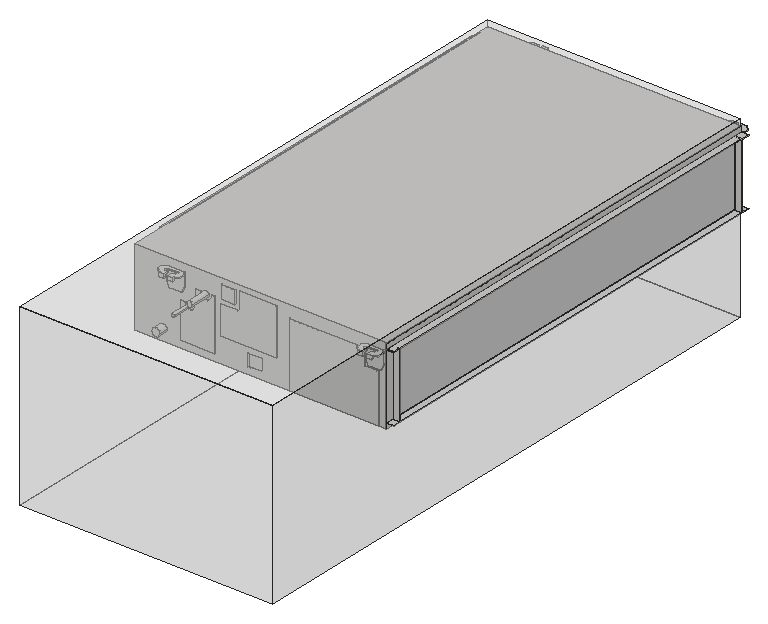
Revit family "outputfile", category 機械設備, Revit 2024
Family settings
  丸型コネクタ寸法 = 半径を使用
  パーツ タイプ = 標準
  OmniClass 番号 = 23.75.10.24.21.27.27
  OmniClass タイトル = Split System Air Conditioning Units
  作業面ベース = いいえ
  常に垂直 = はい
  ロード時にボイドで切り取り = いいえ
  注釈の向きを維持 = いいえ
  共有 = いいえ
  部屋計算ポイント = はい
Parameters (values of type "FBFC42DV2S")
  Description = ""
  製造元 = "Daikin"
  書き出し IFC クラス(タイプ) = "IfcUnitaryEquipmentType"
  定義済み IFC タイプ(タイプ) = "AIRCONDITIONINGUNIT"
  Cost = 0
  モデル = "FBFC42DV2S"
  Type Comments = ""
  Keynote = ""
  Type Image = (empty or 0)
  Assembly Code = ""
  switch_frequency = yes
  r_Liquid Pipe Size = Liquid Pipe Size / 2  # 4.75 mm
  r_Gas Pipe Size = Gas Pipe Size / 2  # 7.95 mm
  r_Drain Pipe Size = Drain Pipe Size / 2  # 12.5 mm
  lw_power = 770.0 mm  # constant formula
  lh_SA = 138.0 mm  # constant formula
  lw_SA = if(Depth = 550.0 mm, 225.0 mm, if(Depth = 700.0 mm, 300.0 mm, if(Depth = 1000.0 mm, 450.0 mm, if(Depth = 1400.0 mm, 650.0 mm, 725.0 mm))))  # 650.0 mm
  lw_RA = if(Depth = 550.0 mm, 275.0 mm, if(Depth = 700.0 mm, 349.0 mm, if(Depth = 1000.0 mm, 499.0 mm, if(Depth = 1400.0 mm, 699.0 mm, 775.0 mm))))  # 699.0 mm
  lh_power = 60.0 mm + [h***]  # 60.0 mm
  lh_mountinghole1 = lh_mountinghole + [h***]  # 222.0 mm
  lh_RA = 123.0 mm  # constant formula
  ld_power = Depth / 2  # 700.0 mm
  connector_voltage = Voltage_50Hz  # 220 V
  connector_powerinput = [Power Input (Cooling)]  # 0.000 kW
  connector_phase = Phase_50Hz  # 1
  Voltage_comment_50Hz = "220 - 240"
  Voltage_50Hz = 220 V
  URL = ""
  Supply Air Direction [instance] = yes
  Sound Power Level_H speed (dB) = 0
  Phase_50Hz = 1
  Minimum External Static Pressure = 50.00 Pa
  Minimum Circuit Amps_50Hz = 0.0 A
  Maximum Fuse Amps_50Hz = 0.0 A
  Maximum External Static Pressure = 150.00 Pa
  Material_Casing = DAIKIN_GalvanizedSteel_Casing_indoorunit
  lw_mountinghole = 630.0 mm  # constant formula
  lh_gaspipe = 183.0 mm + [h***]  # 183.0 mm
  lh_mountinghole = 222.0 mm  # constant formula
  lh_liquidpipe = 136.0 mm + [h***]  # 136.0 mm
  lh_drainpipe = 38.0 mm + [h***]  # 38.0 mm
  lh_antena = Height - lh_mountinghole + 1.0 mm  # 24.0 mm
  ld_drainpipe = Depth / 2 + 26.0 mm  # 726.0 mm
  ld_liquidpipe = Depth / 2 + 69.0 mm  # 769.0 mm
  ld_gaspipe = Depth / 2 + 65.0 mm  # 765.0 mm
  ld_mountinghole = Depth + 38.0 mm  # 1438.0 mm
  h*** = 0.0 mm  # constant formula
  lw_liquidpipe = 179.0 mm  # constant formula
  lw_gaspipe = 229.0 mm  # constant formula
  lw_drainpipe = 91.0 mm  # constant formula
  Width = 800.0 mm
  Version = "ver.1.0"
  Unit Type = "M.S.P. Duct"
  Unit Mass Weight = 46.00 kg
  Unit Designation [instance] = ""
  Uniclass2015Version = "Products v1.30"
  Uniclass2015Title = "Split coil room air conditioning units"
  Uniclass2015Code = "Pr_70_65_03_86"
  Total Cooling Capacity [instance] = 0.000 kW
  Sound Pressure Level_M speed (dBA) = 37.5
  Sound Pressure Level_L speed (dBA) = 35
  Sound Pressure Level_H speed (dBA) = 40
  Series = "SkyAir_Fan Coil Unit"
  Sensible Cooling Capacity [instance] = 0.000 kW
  SA Duct Size Width = 1192.0 mm
  SA Duct Size Height = 176.0 mm
  Refrigerant Type = "R32"
  RA Duct Size Width = 1352.0 mm
  RA Duct Size Height = 208.0 mm
  Power Input (Cooling) = 0.000 kW
  Option Accessory 3 [instance] = ""
  Option Accessory 2 [instance] = ""
  Option Accessory 1 [instance] = ""
  Nominal Cooling Capacity = 12.300 kW
  Minimum Airflow = 1500.00 m³/h
  Median Airflow = 1830.00 m³/h
  Maximum Airflow = 2160.00 m³/h
  Load Classification = HVAC
  Liquid Pipe Size = 9.5 mm
  Link_Nested Family [instance] = ""
  IfcVersion = ""
  IfcExportType = "AIRCONDITIONINGUNIT"
  IfcExportAs = "IfcUnitaryEquipmentType"
  Height = 245.0 mm
  Heat Exchanger Type = "Cross Fin Coil"
  Gas Pipe Size = 15.9 mm
  Frequency_50Hz = 50 Hz
  Fan Type = "Sirocco Fan"
  Fan Drive = "Direct Drive"
  FCU Tag No. [instance] = ""
  Drain Pipe Size = 25.0 mm
  Design Supply Airflow [instance] = 0.00 m³/h
  Design Return Airflow [instance] = 0.00 m³/h
  Design External Static Pressure [instance] = 0.00 Pa
  Depth = 1400.0 mm
  既定の高さ = 0.0 mm
  Cooling Entering Wet Bulb Temperature [instance] = 0.00 °C
  Cooling Entering Dry Bulb Temperature [instance] = 0.00 °C
  Cooling Ambient Wet Bulb Temperature [instance] = 0.00 °C
  Cooling Ambient Dry Bulb Temperature [instance] = 0.00 °C
  Clearance visibility [instance] = yes
  Clearance Top = 20.0 mm
  Clearance Right = 0.0 mm
  Clearance Rear = 0.0 mm
  Clearance Left = 0.0 mm
  Clearance Front = 450.0 mm
  Clearance Bottom = 300.0 mm
Reference planes
  plane 1 "Center (Front/Back)": y = 0
  plane 2 "h": z = 0
  plane 3 "Center (Left/Right)": x = 0
  plane 4 "Back": y = 700
  plane 5 "Front": y = -700
  plane 6 "Left": x = -400
  plane 7 "Right": x = 400
  plane 8 "Top": z = 0
  plane 9 "Bottom": z = -245
  plane 10: y = -215
  plane 11: y = 700
  plane 12: y = -1150
  plane 13: x = -400
  plane 14: x = 400
  plane 15: z = 20
  plane 16: z = -545
  plane 17: x = -400
  plane 18: x = -399
  plane 19: x = 399
  plane 20: y = 50
  plane 21: y = -1
  plane 22: z = -122
  plane 23: y = -701
  plane 24: z = -109
  plane 25: x = -221
  plane 26: y = -765
  plane 27: z = -62
  plane 28: x = -171
  plane 29: y = -726
  plane 30: z = -207
  plane 31: x = -309
  plane 32: x = -309
  plane 33: x = -221
  plane 34: x = -171
  plane 35: x = 370
  plane 36: x = -266
  plane 37: x = 364
  plane 38: y = -719
  plane 39: y = 719
  plane 40: z = -23
  plane 41: z = -107
  plane 42: y = -769
  plane 43: y = -726
  plane 44: x = -251
  plane 45: x = -203
  plane 46: x = -144
  plane 47: z = -59
  plane 48: z = -106
  plane 49: z = -221
  plane 50: z = -109
  plane 51: x = -221
  plane 52: z = -62
  plane 53: x = -171
  plane 54: z = -17
  plane 55: z = -59
  plane 56: x = -121
  plane 57: x = -79
  plane 58: x = -125
  plane 59: x = -64
  plane 60: x = 53
  plane 61: z = -164
  plane 62: z = -73
  plane 63: z = -16
  plane 64: x = 93.5
  plane 65: x = 374.5
  plane 66: x = 330
  plane 67: z = -88.5
  plane 68: z = -38
  plane 69: z = -242.5
  plane 70: x = -38.5
  plane 71: x = 6.5
  plane 72: z = -181
  plane 73: z = -221
  plane 74: y = -699
  plane 75: x = -424
  plane 76: x = 424
Forms (mm)
  Extrusion 1, solid, material "DAIKIN_GalvanizedSteel_Casing_indoorunit" <- "Material_Casing"
    sketch origin (0, 0, 0) x (1, 0, 0) y (0, 1, 0)
      loop
        line (-399, 700) -> (-399, -700) -> (399, -700) -> (399, 700) -> (-399, 700)
    from -245 to 0
  Extrusion 2, solid, material "DAIKIN_GalvanizedSteel_Casing_indoorunit" <- "Material_Casing"
    sketch origin (0, 0, 0) x (1, 0, 0) y (0, 0, 1)
      loop
        line (-251, -221) -> (-144, -221) -> (-144, -59) -> (-154.47, -59)
        arc (-154.47, -59) -> (-171, -78.8) -> (-187.53, -59) r 16.8
        line (-187.53, -59) -> (-203, -59) -> (-203, -106) -> (-206.916, -106)
        arc (-206.916, -106) -> (-221, -123.4) -> (-235.084, -106) r 14.4
        line (-235.084, -106) -> (-251, -106) -> (-251, -221)
    from 700 to 701
  Extrusion 3, solid, material "DAIKIN_GalvanizedSteel_Casing_indoorunit" <- "Material_Casing"
    sketch origin (0, 0, 0) x (1, 0, 0) y (0, 0, 1)
      loop
        line (-121, -17) -> (-121, -59) -> (-79, -59) -> (-79, -17) -> (-121, -17)
      loop
        line (-125, -73) -> (-125, -164) -> (53, -164) -> (53, -16) -> (-64, -16) -> (-64, -73) -> (-125, -73)
    from 700 to 701
  Extrusion 4, solid, material "DAIKIN_GalvanizedSteel_Casing_indoorunit" <- "Material_Casing"
    sketch origin (0, 0, 0) x (1, 0, 0) y (0, 0, 1)
      loop
        line (93.5, -38) -> (93.5, -242.5) -> (374.5, -242.5) -> (374.5, -88.5) -> (330, -88.5) -> (330, -38) -> (93.5, -38)
    from 700 to 701
  Extrusion 5, solid, material "DAIKIN_GalvanizedSteel_Casing_indoorunit" <- "Material_Casing"
    sketch origin (0, 0, 0) x (1, 0, 0) y (0, 0, 1)
      loop
        circle (-221, -109) r 4.75
    from 700 to 769
  Extrusion 6, solid, material "DAIKIN_GalvanizedSteel_Casing_indoorunit" <- "Material_Casing"
    sketch origin (0, 0, 0) x (1, 0, 0) y (0, 0, 1)
      loop
        circle (-171, -62) r 7.95
    from 700 to 765
  Extrusion 7, solid, material "DAIKIN_GalvanizedSteel_Casing_indoorunit" <- "Material_Casing"
    sketch origin (0, 0, 0) x (1, 0, 0) y (0, 0, 1)
      loop
        circle (-309, -207) r 12.5
    from 700 to 726
  Extrusion 8, void
    sketch origin (0, 0, 0) x (1, 0, 0) y (0, 0, 1)
      loop
        line (-38.5, -181) -> (-38.5, -221) -> (6.5, -221) -> (6.5, -181) -> (-38.5, -181)
    from 699 to 700
Cuts and joins
  Extrusion 8 cuts Extrusion 1
Dimensions and locks
  "Height": plane 8 "Top" to plane 9 "Bottom"
  equal spacing: plane 4 "Back", plane 1 "Center (Front/Back)", plane 5 "Front"
  "Depth": plane 4 "Back" to plane 5 "Front"
  equal spacing: plane 6 "Left", plane 3 "Center (Left/Right)", plane 7 "Right"
  "Width": plane 6 "Left" to plane 7 "Right"
  "Clearance Left": plane 13 to plane 6 "Left"
  "Clearance Right": plane 7 "Right" to plane 14
  "Clearance Rear": plane 11 to plane 4 "Back"
  "Clearance Front": plane 5 "Front" to plane 12
  "Clearance Top": plane 15 to plane 8 "Top"
  "Clearance Bottom": plane 9 "Bottom" to plane 16
  locked: plane 17 to plane 18 at 1
  locked: plane 19 to plane 14 at 1
  "lw_SA": plane 11 to plane 20
  "lw_RA": plane 21 to plane 5 "Front"
  "lh_RA": plane 22 to plane 9 "Bottom"
  locked: plane 5 "Front" to plane 23 at 1
  "lw_liquidpipe": plane 25 to plane 6 "Left"
  "lh_liquidpipe": plane 24 to plane 9 "Bottom"
  "lh_gaspipe": plane 27 to plane 9 "Bottom"
  "lw_gaspipe": plane 28 to plane 6 "Left"
  "ld_gaspipe": plane 26 to plane 1 "Center (Front/Back)"
  "ld_drainpipe": plane 29 to plane 1 "Center (Front/Back)"
  "lh_drainpipe": plane 30 to plane 9 "Bottom"
  "lw_drainpipe": plane 31 to plane 6 "Left"
  "lw_drainpipe": plane 6 "Left" to plane 32
  "lw_liquidpipe": plane 6 "Left" to plane 33
  "lw_gaspipe": plane 6 "Left" to plane 34
  "lw_power": plane 6 "Left" to plane 35
  locked: plane 17 to plane 36 at 134
  "lw_mountinghole": plane 36 to plane 37
  equal spacing: plane 38, plane 1 "Center (Front/Back)", plane 39
  "ld_mountinghole": plane 39 to plane 38
  "lh_mountinghole": plane 40 to plane 9 "Bottom"
  "lh_SA": plane 41 to plane 9 "Bottom"
  locked: plane 5 "Front" to plane 43 at 26
  plane 46 to plane 45 to plane 44 to plane 6 "Left" = 59.0 mm, 48.0 mm, 149.0 mm
  plane 8 "Top" to plane 47 to plane 48 to plane 49 = 59.0 mm locked, 47.0 mm locked, 115.0 mm locked
  plane 53 to plane 51 to plane 6 "Left" = 50.0 mm locked, 179.0 mm locked
  plane 52 to plane 50 to plane 9 "Bottom" = 47.0 mm locked, 136.0 mm locked
  plane 57 to plane 56 to plane 6 "Left" = 42.0 mm locked, 279.0 mm locked
  plane 8 "Top" to plane 54 to plane 55 = 17.0 mm locked, 42.0 mm locked
  plane 60 to plane 59 to plane 58 to plane 6 "Left" = 117.0 mm, 61.0 mm, 275.0 mm
  plane 8 "Top" to plane 63 to plane 62 = 16.0 mm locked, 57.0 mm locked
  locked: plane 63 to plane 61 at 148
  plane 8 "Top" to plane 68 to plane 67 to plane 69 = 38.0 mm locked, 50.5 mm locked, 154.0 mm locked
  plane 65 to plane 66 to plane 64 to plane 6 "Left" = 44.5 mm locked, 236.5 mm locked, 493.5 mm locked
  plane 8 "Top" to plane 72 to plane 73 = 181.0 mm locked, 40.0 mm locked
  plane 71 to plane 70 to plane 6 "Left" = 45.0 mm, 361.5 mm
  locked: plane 74 to plane 5 "Front" at 1
  locked: plane 75 to plane 17 at 24
  locked: plane 14 to plane 76 at 24
  "ld_liquidpipe": plane 42 to plane 1 "Center (Front/Back)"
  "r_Liquid Pipe Size": radius of Extrusion 5 sketch curve
  "r_Gas Pipe Size": radius of Extrusion 6 sketch curve
  "r_Drain Pipe Size": radius of Extrusion 7 sketch curve
  aligned and locked: level to plane 2 "h"
  aligned and locked: plane 8 "Top" to Extrusion 1
  aligned and locked: Extrusion 1 to plane 9 "Bottom"
  aligned and locked: nested 5 to plane 12
  aligned and locked: plane 13 to nested 5
  aligned and locked: plane 14 to nested 5
  aligned and locked: nested 5 to plane 13
  aligned and locked: plane 11 to nested 5
  aligned and locked: plane 15 to nested 5
  aligned and locked: plane 16 to nested 5
  aligned and locked: plane 5 "Front" to Extrusion 1 sketch curve
  aligned and locked: Extrusion 1 to plane 18
  aligned and locked: plane 19 to Extrusion 1
  aligned and locked: nested 7 to plane 18
  aligned and locked: nested 7 to plane 20
  aligned and locked: plane 19 to nested 8
  aligned and locked: plane 21 to nested 8
  aligned and locked: plane 22 to nested 8
  aligned and locked: Extrusion 2 to plane 23
  aligned and locked: plane 5 "Front" to Extrusion 2
  aligned and locked: Extrusion 3 to plane 23
  aligned and locked: plane 5 "Front" to Extrusion 3
  aligned and locked: plane 5 "Front" to Extrusion 4
  aligned and locked: Extrusion 5 sketch curve to plane 25
  aligned and locked: plane 24 to Extrusion 5 sketch curve
  aligned and locked: plane 5 "Front" to Extrusion 5
  aligned and locked: Extrusion 6 sketch curve to plane 28
  aligned and locked: plane 27 to Extrusion 6 sketch curve
  aligned and locked: plane 5 "Front" to Extrusion 6
  aligned and locked: Extrusion 7 sketch curve to plane 31
  aligned and locked: plane 30 to Extrusion 7 sketch curve
  aligned and locked: Extrusion 7 to plane 29
  aligned and locked: nested 3 to plane 29
  aligned and locked: nested 3 to plane 32
  aligned and locked: nested 2 to plane 33
  aligned and locked: nested 1 to plane 34
  aligned and locked: Extrusion 6 to plane 26
  aligned and locked: nested 1 to plane 26
  aligned and locked: nested 6 to plane 5 "Front"
  aligned and locked: nested 6 to plane 35
  aligned and locked: plane 36 to nested 10
  aligned and locked: nested 10 to plane 5 "Front"
  aligned and locked: plane 37 to nested 9
  aligned and locked: nested 9 to plane 5 "Front"
  aligned and locked: nested 11 to plane 36
  aligned and locked: plane 4 "Back" to nested 11
  aligned and locked: nested 12 to plane 37
  aligned and locked: plane 4 "Back" to nested 12
  aligned and locked: plane 40 to nested 10
  aligned and locked: plane 40 to nested 11
  aligned and locked: plane 40 to nested 9
  aligned and locked: plane 40 to nested 12
  aligned and locked: plane 36 to nested 14
  aligned and locked: nested 14 to plane 39
  aligned and locked: plane 37 to nested 13
  aligned and locked: nested 13 to plane 39
  aligned and locked: plane 37 to nested 16
  aligned and locked: plane 38 to nested 16
  aligned and locked: plane 38 to nested 15
  aligned and locked: plane 36 to nested 15
  aligned and locked: plane 17 to plane 6 "Left"
  aligned and locked: plane 41 to nested 7
  aligned and locked: Extrusion 5 to plane 42
  aligned and locked: nested 2 to plane 42
  aligned and locked: Extrusion 3 sketch curve to plane 54
  aligned and locked: Extrusion 3 sketch curve to plane 56
  aligned and locked: plane 55 to Extrusion 3 sketch curve
  aligned and locked: plane 57 to Extrusion 3 sketch curve
  aligned and locked: Extrusion 4 to plane 23
  aligned and locked: Extrusion 8 sketch curve to plane 72
  aligned and locked: plane 73 to Extrusion 8 sketch curve
  aligned and locked: plane 71 to Extrusion 8 sketch curve
  aligned and locked: plane 5 "Front" to Extrusion 8
  aligned and locked: plane 74 to Extrusion 8
  aligned and locked: nested 17 to plane 20
  aligned and locked: nested 17 to plane 75
  aligned and locked: plane 21 to nested 18
  aligned and locked: plane 76 to nested 18
  aligned and locked: plane 41 to nested 17
  aligned and locked: nested 18 to plane 22
  aligned and locked: nested 4 to plane 3 "Center (Left/Right)"
  aligned and locked: plane 1 "Center (Front/Back)" to nested 4
  aligned and locked: level to plane 8 "Top"
  aligned and locked: plane 5 "Front" to Extrusion 7
Automatic sketch dimensions
  plane 6 "Left" to Extrusion 1 sketch curve = 1.0 mm
  Extrusion 1 sketch curve to plane 7 "Right" = 1.0 mm
  Extrusion 1 sketch curve to plane 4 "Back" = 0.0 mm
  Extrusion 2 sketch curve to plane 44 = 0.0 mm
  Extrusion 2 sketch curve to plane 33 = 0.0 mm
  Extrusion 2 sketch curve to plane 45 = 0.0 mm
  Extrusion 2 sketch curve to plane 34 = 0.0 mm
  Extrusion 2 sketch curve to plane 46 = 0.0 mm
  Extrusion 2 sketch curve to plane 49 = 0.0 mm
  Extrusion 2 sketch curve to plane 50 = 0.0 mm
  Extrusion 2 sketch curve to plane 48 = 0.0 mm  (x3)
  Extrusion 2 sketch curve to plane 52 = 0.0 mm
  Extrusion 2 sketch curve to plane 47 = 0.0 mm  (x3)
  plane 33 to Extrusion 2 sketch curve = 14.084 mm
  plane 34 to Extrusion 2 sketch curve = 16.53 mm
  Extrusion 3 sketch curve to plane 58 = 0.0 mm
  Extrusion 3 sketch curve to plane 59 = 0.0 mm
  Extrusion 3 sketch curve to plane 60 = 0.0 mm
  Extrusion 3 sketch curve to plane 61 = 0.0 mm
  Extrusion 3 sketch curve to plane 62 = 0.0 mm
  Extrusion 3 sketch curve to plane 63 = 0.0 mm
  Extrusion 4 sketch curve to plane 64 = 0.0 mm
  Extrusion 4 sketch curve to plane 66 = 0.0 mm
  Extrusion 4 sketch curve to plane 65 = 0.0 mm
  Extrusion 4 sketch curve to plane 69 = 0.0 mm
  Extrusion 4 sketch curve to plane 67 = 0.0 mm
  Extrusion 4 sketch curve to plane 68 = 0.0 mm
  Extrusion 8 sketch curve to plane 70 = 0.0 mm
Nested families
  nested 1: "daikin_connector_rotate2" at (-171, 0, -62), length <- "ld_gaspipe", built-in parameter 1001364 <- "lh_gaspipe", radius <- "r_Gas Pipe Size", type "daikin_connector_rotate2"
    with radius 7.95 mm, length 765.0 mm, angle_vertical 90.00°
  nested 2: "daikin_connector_rotate2" at (-221, 0, -109), length <- "ld_liquidpipe", built-in parameter 1001364 <- "lh_liquidpipe", radius <- "r_Liquid Pipe Size", type "daikin_connector_rotate2"
    with radius 4.75 mm, length 769.0 mm, angle_vertical 90.00°
  nested 3: "daikin_connector_rotate2" at (-309, 0, -207), length <- "ld_drainpipe", built-in parameter 1001364 <- "lh_drainpipe", radius <- "r_Drain Pipe Size", type "daikin_connector_rotate2"
    with radius 12.5 mm, length 726.0 mm, angle_vertical 90.00°
  nested 4: "daikin_△_symbolicline" at (0, 0, 245) x (0, -1, 0) z (0, 0, 1), built-in parameter 1001364 <- "Height", visible <- "Supply Air Direction", type "daikin_△_symbolicline"
    with length 200.0 mm
  nested 5: "daikin_clearancespace" at (0, -225, -262.381), visible <- "Clearance visibility", show <- "Clearance visibility", Link_Nested Family <- "Link_Nested Family", type "daikin_clearancespace"
    with width 800.0 mm, show yes, height 565.0 mm, depth 1850.0 mm, Link_Nested Family ""
  nested 6: "daikin_connector_rotate2" at (370, 0, -185), built-in parameter 1001364 <- "lh_power", length <- "ld_power", type "daikin_connector_rotate2"
    with radius 10.0 mm, length 700.0 mm, angle_vertical 90.00°
  nested 7: "daikin_ductflange_FBFC-DV2S2" at (-399, 50, -107) x (0, -1, 0) z (0, 0, 1), type "daikin_ductflange_FBFC-DV2S2"
  nested 8: "daikin_ductflange_FBFC-DV2S" at (399, -1, -122) x (0, 1, 0) z (0, 0, 1), type "daikin_ductflange_FBFC-DV2S"
    with width 1352.0 mm, lw 25.0 mm, w 1400.0 mm
  nested 9: "daikin_hangerfixture_FBFC-DV2S" at (364, -700, -23), type "daikin_hangerfixture_FBFC-DV2S"
  nested 10: "daikin_hangerfixture_FBFC-DV2S" at (-266, -700, -23), type "daikin_hangerfixture_FBFC-DV2S"
  nested 11: "daikin_hangerfixture_FBFC-DV2S" at (-266, 700, -23) x (-1, 0, 0) z (0, 0, 1), type "daikin_hangerfixture_FBFC-DV2S"
  nested 12: "daikin_hangerfixture_FBFC-DV2S" at (364, 700, -23) x (-1, 0, 0) z (0, 0, 1), type "daikin_hangerfixture_FBFC-DV2S"
  nested 13: "daikin_mountinghole" at (364, 719, -245), h_mountinghole <- "lh_mountinghole1", l_antenna <- "lh_antena", Link_Nested Family <- "Link_Nested Family", type "daikin_mountinghole"
    with show yes, l_antenna 24.0 mm, h_mountinghole 222.0 mm, Link_Nested Family ""
  nested 14: "daikin_mountinghole" at (-266, 719, -245), h_mountinghole <- "lh_mountinghole1", l_antenna <- "lh_antena", Link_Nested Family <- "Link_Nested Family", type "daikin_mountinghole"
    with show yes, l_antenna 24.0 mm, h_mountinghole 222.0 mm, Link_Nested Family ""
  nested 15: "daikin_mountinghole" at (-266, -719, -245), h_mountinghole <- "lh_mountinghole1", l_antenna <- "lh_antena", Link_Nested Family <- "Link_Nested Family", type "daikin_mountinghole"
    with show yes, l_antenna 24.0 mm, h_mountinghole 222.0 mm, Link_Nested Family ""
  nested 16: "daikin_mountinghole" at (364, -719, -245), h_mountinghole <- "lh_mountinghole1", l_antenna <- "lh_antena", Link_Nested Family <- "Link_Nested Family", type "daikin_mountinghole"
    with show yes, l_antenna 24.0 mm, h_mountinghole 222.0 mm, Link_Nested Family ""
  nested 17: "daikin_connector_rotate2" at (-400, 50, -107) x (0, -1, 0) z (0, 0, 1), type "daikin_connector_rotate2"
    with radius 10.0 mm, length 24.0 mm, angle_vertical 90.00°
  nested 18: "daikin_connector_rotate2" at (400, -1, -122) x (0, 1, 0) z (0, 0, 1), type "daikin_connector_rotate2"
    with radius 10.0 mm, length 24.0 mm, angle_vertical 90.00°
Connectors
  piping at (-309, -726, -207), diameter 25, driven by "r_Drain Pipe Size"
    settings: on nested 3, index 3, connector inside diameter 609.6 mm, connector length 0.0 mm, flow factor 0, pipe flow 0.00 m³/h, pressure drop 0.0 Pa, fitting loss kfactor 0, connector angle 0.00°, fixture units 0, engagement length 0.0 mm, angle of deflection 0.00°, flow configuration 1, flow direction 2, fitting loss method 4, system type 16, joint type 0, gender type 0, connector reference index -1, connector utility 0, adjustable connector no, is connector primary yes, connector description "Condensate Drain Piping"
  piping at (-171, -765, -62), diameter 15.9, driven by "r_Gas Pipe Size"
    settings: on nested 1, index 4, connector inside diameter 609.6 mm, connector length 0.0 mm, flow factor 0, pipe flow 0.00 m³/h, pressure drop 0.0 Pa, fitting loss kfactor 0, connector angle 0.00°, fixture units 0, engagement length 0.0 mm, angle of deflection 0.00°, flow configuration 1, flow direction 2, fitting loss method 0, system type 29, joint type 0, gender type 0, connector reference index -1, connector utility 0, adjustable connector no, is connector primary no, connector description "Refrigerant Gas Piping"
  piping at (-221, -769, -109), diameter 9.5, driven by "r_Liquid Pipe Size"
    settings: on nested 2, index 5, connector inside diameter 609.6 mm, connector length 0.0 mm, flow factor 0, pipe flow 0.00 m³/h, pressure drop 0.0 Pa, fitting loss kfactor 0, connector angle 0.00°, fixture units 0, engagement length 0.0 mm, angle of deflection 0.00°, flow configuration 1, flow direction 1, fitting loss method 0, system type 29, joint type 0, gender type 0, connector reference index -1, connector utility 0, adjustable connector no, is connector primary no, connector description "Refrigerant Liquid Piping"
  electrical at (370, -700, -185), driven by "Load Classification", driven by "connector_powerinput", driven by "connector_phase", driven by "connector_voltage"
    settings: on nested 6, index 6, voltage 220 V, apparent load 0 VA, apparent load phase1 0 VA, apparent load phase2 0 VA, apparent load phase3 0 VA, power factor 1, load classification "HVAC", number of poles 1, system type 30, power factor state 1, is connector primary yes, connector utility no, sub classification motor no, connector description "Power Supply"
  hvac at (-424, 50, -107), driven by "SA Duct Size Height", driven by "SA Duct Size Width"
    settings: on nested 17, index 7, duct flow 0.00 m³/h, flow factor 0, pres drop 0.00 Pa, loss coef 0, conn angle 0.00°, conn width 1192.0 mm, conn height 176.0 mm, conn diameter 609.6 mm, duct sys type 1, conn prof type 1, flow config 0, flow direction 2, loss method 4, conn ref index -1, conn util no, is conn primary yes, conn desc "SA Duct"
  hvac at (424, -1, -122), driven by "RA Duct Size Height", driven by "RA Duct Size Width"
    settings: on nested 18, index 8, duct flow 0.00 m³/h, flow factor 0, pres drop 0.00 Pa, loss coef 0, conn angle 0.00°, conn width 1352.0 mm, conn height 208.0 mm, conn diameter 609.6 mm, duct sys type 2, conn prof type 1, flow config 0, flow direction 1, loss method 4, conn ref index -1, conn util no, is conn primary no, conn desc "RA Duct"
Definition of nested family "daikin_clearancespace"
  Parameters (values of type "daikin_clearancespace")
    Description = "daikin_clearancespace"
    width [instance] = 1823.963 mm
    show [instance] = yes
    material = none
    height [instance] = 1359.762 mm
    depth [instance] = 880.0 mm
    Default Elevation = 0.0 mm
    Link_Nested Family [instance] = ""
  Reference planes
    plane 1 "Center (Front/Back)": y = 0
    plane 2 "Center (Elevation)": z = -0.119
    plane 3 "Center (Left/Right)": x = 0
    plane 4: y = 440
    plane 5: y = -440
    plane 6 "Right": x = 911.982
    plane 7 "Left": x = -911.982
    plane 8 "Top": z = 679.762
    plane 9 "Bottom": z = -680
  Forms (mm)
    Extrusion 1, solid, material <- "material", visible <- "show"
      sketch origin (0, 0, 0) x (1, 0, 0) y (0, 1, 0)
        loop
          line (-911.982, 440) -> (-911.982, -440) -> (911.982, -440) -> (911.982, 440) -> (-911.982, 440)
      from -680 to 679.762
  Lines and regions (mm)
    symbolic lines, visible <- "show"
      curve 1: line (911.982, 440, 0) -> (-911.982, 440, 0)
      curve 2: line (-911.982, 440, 0) -> (-911.982, -440, 0)
      curve 3: line (-911.982, -440, 0) -> (911.982, -440, 0)
      curve 4: line (911.982, -440, 0) -> (911.982, 440, 0)
      curve 5: line (911.982, 0, 679.762) -> (-911.982, 0, 679.762)
      curve 6: line (911.982, 0, -680) -> (911.982, 0, 679.762)
      curve 7: line (-911.982, 0, -680) -> (911.982, 0, -680)
      curve 8: line (-911.982, 0, 679.762) -> (-911.982, 0, -680)
      curve 9: line (0, 440, 679.762) -> (0, -440, 679.762)
      curve 10: line (0, -440, 679.762) -> (0, -440, -680)
      curve 11: line (0, 440, -680) -> (0, 440, 679.762)
      curve 12: line (0, -440, -680) -> (0, 440, -680)
  Dimensions and locks
    "width": plane 7 "Left" to plane 6 "Right"
    "depth": plane 4 to plane 5
    "height": plane 8 "Top" to plane 9 "Bottom"
    equal spacing: plane 7 "Left", plane 3 "Center (Left/Right)", plane 6 "Right"
    equal spacing: plane 4, plane 1 "Center (Front/Back)", plane 5
    equal spacing: plane 8 "Top", plane 2 "Center (Elevation)", plane 9 "Bottom"
    aligned and locked: level to plane 2 "Center (Elevation)"
    aligned and locked: Extrusion 1 sketch curve to plane 4
    aligned and locked: plane 7 "Left" to Extrusion 1 sketch curve
    aligned and locked: Extrusion 1 sketch curve to plane 5
    aligned and locked: Extrusion 1 sketch curve to plane 6 "Right"
    aligned and locked: plane 8 "Top" to Extrusion 1
    aligned and locked: curve 1 to Extrusion 1
    aligned and locked: curve 2 to Extrusion 1
    aligned and locked: curve 3 to Extrusion 1
    aligned and locked: curve 4 to Extrusion 1
    aligned and locked: curve 5 to Extrusion 1
    aligned and locked: curve 6 to Extrusion 1
    aligned and locked: curve 7 to Extrusion 1
    aligned and locked: curve 8 to Extrusion 1
    aligned and locked: curve 9 to Extrusion 1
    aligned and locked: curve 10 to Extrusion 1
    aligned and locked: curve 11 to Extrusion 1
    aligned and locked: curve 12 to Extrusion 1
    aligned and locked: Extrusion 1 to plane 9 "Bottom"
Definition of nested family "daikin_ductflange_FBFC-DV2S2"
  Parameters (values of type "daikin_ductflange_FBFC-DVMG2")
    width = if(w = 550.0 mm, 337.0 mm, if(w = 700.0 mm, 492.0 mm, if(w = 1000.0 mm, 792.0 mm, if(w = 1400.0 mm, 1192.0 mm, 1337.0 mm))))  # 1192.0 mm
    material = none
    height = 215.0 mm
    depth = 1.0 mm
    w = 1400.0 mm
    Default Elevation = 0.0 mm
  Reference planes
    plane 1 "Center (Front/Back)": y = 0
    plane 2: z = 0
    plane 3 "Center (Left/Right)": x = 0
    plane 4: z = 88
    plane 5: z = -88
    plane 6: y = -25
    plane 7: z = 106
    plane 8: z = 89
    plane 9: y = -1
    plane 10: x = -617.5
    plane 11: x = 617.5
    plane 12: z = -106
    plane 13: z = -89
    plane 14: y = -1
    plane 15: x = 596
    plane 16: x = -596
    plane 17: x = 597
    plane 18: z = 87
    plane 19: z = -87
    plane 20: x = -597
    plane 21: z = 87
    plane 22: z = -87
    plane 23: y = -1
  Forms (mm)
    Extrusion 1, solid, material <- "material"
      sketch origin (0, 0, 0) x (0, 1, 0) y (0, 0, 1)
        loop
          line (-25, 88) -> (0, 88) -> (0, 106) -> (-1, 106) -> (-1, 89) -> (-25, 89) -> (-25, 88)
      from -617.5 to 617.5
    Extrusion 2, solid, material <- "material"
      sketch origin (0, 0, 0) x (0, 1, 0) y (0, 0, 1)
        loop
          line (-25, -88) -> (-25, -89) -> (-1, -89) -> (-1, -106) -> (0, -106) -> (0, -88) -> (-25, -88)
      from -617.5 to 617.5
    Extrusion 3, solid, material <- "material"
      sketch origin (0, 0, 0) x (1, 0, 0) y (0, 0, 1)
        loop
          line (596, 88) -> (596, -88) -> (617.5, -88) -> (617.5, -87) -> (597, -87) -> (597, 87) -> (617.5, 87) -> (617.5, 88) -> (596, 88)
      from 0 to 25
    Extrusion 4, solid, material <- "material"
      sketch origin (0, 0, 0) x (1, 0, 0) y (0, 0, 1)
        loop
          line (-617.5, 88) -> (-617.5, 87) -> (-597, 87) -> (-597, -87) -> (-617.5, -87) -> (-617.5, -88) -> (-596, -88) -> (-596, 88) -> (-617.5, 88)
      from 0 to 25
    Extrusion 5, solid, material <- "material"
      sketch origin (0, 0, 0) x (1, 0, 0) y (0, 0, 1)
        loop
          line (-617.5, 88) -> (-617.5, -88) -> (-596, -88) -> (-596, 88) -> (-617.5, 88)
        loop
          line (617.5, 88) -> (596, 88) -> (596, -88) -> (617.5, -88) -> (617.5, 88)
      from 0 to 1
  Cuts and joins
    joined: Extrusion 1, Extrusion 2, Extrusion 3, Extrusion 4, Extrusion 5
  Dimensions and locks
    plane 4 to level to plane 5 = 88.0 mm, 88.0 mm
    locked: plane 6 to plane 1 "Center (Front/Back)" at 25
    locked: plane 9 to plane 1 "Center (Front/Back)" at 1
    locked: plane 8 to plane 4 at 1
    locked: plane 16 to plane 10 at 21.5
    locked: plane 17 to plane 15 at 1
    locked: plane 4 to plane 18 at 1
    locked: plane 19 to plane 5 at 1
    "width": plane 15 to plane 16
    plane 4 to plane 5 = 176.0 mm
    locked: plane 16 to plane 20 at 1
    locked: plane 4 to plane 21 at 1
    locked: plane 22 to plane 5 at 1
    locked: plane 23 to plane 1 "Center (Front/Back)" at 1
    plane 4 to level to plane 5 = 88.0 mm locked, 88.0 mm locked
    locked: plane 5 to plane 13 at 1
    locked: plane 5 to plane 12 at 18
    locked: plane 7 to plane 4 at 18
    equal spacing: plane 15, plane 3 "Center (Left/Right)", plane 16
    locked: plane 11 to plane 15 at 21.5
    plane 11 to plane 10 = 1235.0 mm
    aligned and locked: level to plane 2
    aligned and locked: Extrusion 1 to plane 10
    aligned and locked: plane 11 to Extrusion 1
    aligned and locked: plane 5 to Extrusion 2
    aligned and locked: Extrusion 2 to plane 1 "Center (Front/Back)"
    aligned and locked: plane 15 to Extrusion 3 sketch curve
    aligned and locked: Extrusion 3 sketch curve to Extrusion 2  (x2)
    aligned and locked: Extrusion 3 sketch curve to plane 11
    aligned and locked: plane 6 to Extrusion 3
    aligned and locked: Extrusion 2 to plane 10
    aligned and locked: plane 11 to Extrusion 2
    aligned and locked: Extrusion 4 sketch curve to Extrusion 1  (x2)
    aligned and locked: plane 5 to Extrusion 4 sketch curve
    aligned and locked: Extrusion 4 sketch curve to plane 16
    aligned and locked: Extrusion 4 sketch curve to plane 22
    aligned and locked: plane 20 to Extrusion 4 sketch curve
    aligned and locked: plane 21 to Extrusion 4 sketch curve
    aligned and locked: Extrusion 4 to plane 1 "Center (Front/Back)"
    aligned and locked: plane 6 to Extrusion 4
    aligned and locked: Extrusion 5 sketch curve to Extrusion 1  (x4)
    aligned and locked: Extrusion 5 sketch curve to Extrusion 4  (x2)
    aligned and locked: Extrusion 5 sketch curve to Extrusion 3  (x2)
    aligned and locked: Extrusion 5 to plane 1 "Center (Front/Back)"
    aligned and locked: plane 23 to Extrusion 5
  Automatic sketch dimensions
    Extrusion 1 sketch curve to plane 6 = 0.0 mm
    Extrusion 1 sketch curve to plane 7 = 0.0 mm
    Extrusion 1 sketch curve to plane 9 = 0.0 mm
    Extrusion 1 sketch curve to plane 1 "Center (Front/Back)" = 0.0 mm
    Extrusion 1 sketch curve to plane 4 = 0.0 mm
    Extrusion 1 sketch curve to plane 8 = 0.0 mm
    Extrusion 2 sketch curve to plane 6 = 0.0 mm
    plane 12 to Extrusion 2 sketch curve = 0.0 mm
    Extrusion 2 sketch curve to plane 14 = 0.0 mm
    Extrusion 2 sketch curve to plane 1 "Center (Front/Back)" = 0.0 mm
    plane 13 to Extrusion 2 sketch curve = 0.0 mm
    Extrusion 2 sketch curve to plane 5 = 0.0 mm
    Extrusion 3 sketch curve to plane 17 = 0.0 mm
    Extrusion 3 sketch curve to plane 19 = 0.0 mm
    Extrusion 3 sketch curve to plane 18 = 0.0 mm
    Extrusion 3 sketch curve to plane 4 = 0.0 mm
    Extrusion 4 sketch curve to plane 10 = 0.0 mm
Definition of nested family "daikin_ductflange_FBFC-DV2S"
  Parameters (values of type "daikin_ductflange_FBFC-DVMG")
    width = if(w = 550.0 mm, 502.0 mm, if(w = 700.0 mm, 654.0 mm, if(w = 1000.0 mm, 952.0 mm, if(w = 1400.0 mm, 1352.0 mm, 1502.0 mm))))  # 654.0 mm
    material = none
    lw = if(width = 654.0 mm, 23.0 mm, 25.0 mm)  # 23.0 mm
    height = 208.0 mm
    depth = 1.0 mm
    w = 700.0 mm
    Default Elevation = 0.0 mm
  Reference planes
    plane 1 "Center (Front/Back)": y = 0
    plane 2: z = 0
    plane 3 "Center (Left/Right)": x = 0
    plane 4: z = 104
    plane 5: z = -104
    plane 6: y = -25
    plane 7: z = 121
    plane 8: z = 105
    plane 9: y = -1
    plane 10: x = -350
    plane 11: x = 350
    plane 12: z = -122
    plane 13: z = -105
    plane 14: y = -1
    plane 15: x = 327
    plane 16: x = -327
    plane 17: x = 328
    plane 18: z = 103
    plane 19: z = -103
    plane 20: x = -328
    plane 21: z = 103
    plane 22: z = -103
    plane 23: y = -1
  Forms (mm)
    Extrusion 1, solid, material <- "material"
      sketch origin (0, 0, 0) x (0, 1, 0) y (0, 0, 1)
        loop
          line (-25, 104) -> (0, 104) -> (0, 121) -> (-1, 121) -> (-1, 105) -> (-25, 105) -> (-25, 104)
      from -350 to 350
    Extrusion 2, solid, material <- "material"
      sketch origin (0, 0, 0) x (0, 1, 0) y (0, 0, 1)
        loop
          line (-25, -104) -> (-25, -105) -> (-1, -105) -> (-1, -122) -> (0, -122) -> (0, -104) -> (-25, -104)
      from -350 to 350
    Extrusion 3, solid, material <- "material"
      sketch origin (0, 0, 0) x (1, 0, 0) y (0, 0, 1)
        loop
          line (327, 104) -> (327, -104) -> (350, -104) -> (350, -103) -> (328, -103) -> (328, 103) -> (350, 103) -> (350, 104) -> (327, 104)
      from 0 to 25
    Extrusion 4, solid, material <- "material"
      sketch origin (0, 0, 0) x (1, 0, 0) y (0, 0, 1)
        loop
          line (-350, 104) -> (-350, 103) -> (-328, 103) -> (-328, -103) -> (-350, -103) -> (-350, -104) -> (-327, -104) -> (-327, 104) -> (-350, 104)
      from 0 to 25
    Extrusion 5, solid, material <- "material"
      sketch origin (0, 0, 0) x (1, 0, 0) y (0, 0, 1)
        loop
          line (-350, 104) -> (-350, -104) -> (-327, -104) -> (-327, 104) -> (-350, 104)
        loop
          line (350, 104) -> (327, 104) -> (327, -104) -> (350, -104) -> (350, 104)
      from 0 to 1
  Cuts and joins
    joined: Extrusion 1, Extrusion 2, Extrusion 3, Extrusion 4, Extrusion 5
  Dimensions and locks
    plane 4 to level to plane 5 = 104.0 mm, 104.0 mm
    locked: plane 6 to plane 1 "Center (Front/Back)" at 25
    locked: plane 9 to plane 1 "Center (Front/Back)" at 1
    locked: plane 8 to plane 4 at 1
    "lw": plane 11 to plane 15
    "lw": plane 16 to plane 10
    locked: plane 17 to plane 15 at 1
    locked: plane 4 to plane 18 at 1
    locked: plane 19 to plane 5 at 1
    "width": plane 15 to plane 16
    equal spacing: plane 15, plane 3 "Center (Left/Right)", plane 16
    locked: plane 16 to plane 20 at 1
    locked: plane 4 to plane 21 at 1
    locked: plane 22 to plane 5 at 1
    locked: plane 23 to plane 1 "Center (Front/Back)" at 1
    locked: plane 7 to plane 4 at 17
    locked: plane 1 "Center (Front/Back)" to plane 14 at 1
    locked: plane 5 to plane 13 at 1
    "height": plane 4 to plane 5
    plane 11 to plane 10 = 700.0 mm
    locked: plane 12 to plane 13 at 17
    equal spacing: plane 4, level, plane 5
    aligned and locked: level to plane 2
    aligned and locked: Extrusion 1 to plane 10
    aligned and locked: plane 11 to Extrusion 1
    aligned and locked: plane 5 to Extrusion 2
    aligned and locked: Extrusion 2 to plane 1 "Center (Front/Back)"
    aligned and locked: plane 15 to Extrusion 3 sketch curve
    aligned and locked: Extrusion 3 sketch curve to Extrusion 2  (x2)
    aligned and locked: Extrusion 3 sketch curve to plane 11
    aligned and locked: plane 6 to Extrusion 3
    aligned and locked: Extrusion 2 to plane 10
    aligned and locked: plane 11 to Extrusion 2
    aligned and locked: Extrusion 4 sketch curve to Extrusion 1  (x2)
    aligned and locked: plane 5 to Extrusion 4 sketch curve
    aligned and locked: Extrusion 4 sketch curve to plane 16
    aligned and locked: Extrusion 4 sketch curve to plane 22
    aligned and locked: plane 20 to Extrusion 4 sketch curve
    aligned and locked: plane 21 to Extrusion 4 sketch curve
    aligned and locked: Extrusion 4 to plane 1 "Center (Front/Back)"
    aligned and locked: plane 6 to Extrusion 4
    aligned and locked: Extrusion 5 sketch curve to Extrusion 1  (x4)
    aligned and locked: Extrusion 5 sketch curve to Extrusion 4  (x2)
    aligned and locked: Extrusion 5 sketch curve to Extrusion 3  (x2)
    aligned and locked: Extrusion 5 to plane 1 "Center (Front/Back)"
    aligned and locked: plane 23 to Extrusion 5
  Automatic sketch dimensions
    Extrusion 1 sketch curve to plane 6 = 0.0 mm
    Extrusion 1 sketch curve to plane 7 = 0.0 mm
    Extrusion 1 sketch curve to plane 9 = 0.0 mm
    Extrusion 1 sketch curve to plane 1 "Center (Front/Back)" = 0.0 mm
    Extrusion 1 sketch curve to plane 4 = 0.0 mm
    Extrusion 1 sketch curve to plane 8 = 0.0 mm
    Extrusion 2 sketch curve to plane 6 = 0.0 mm
    plane 12 to Extrusion 2 sketch curve = 0.0 mm
    Extrusion 2 sketch curve to plane 14 = 0.0 mm
    Extrusion 2 sketch curve to plane 1 "Center (Front/Back)" = 0.0 mm
    plane 13 to Extrusion 2 sketch curve = 0.0 mm
    Extrusion 2 sketch curve to plane 5 = 0.0 mm
    Extrusion 3 sketch curve to plane 17 = 0.0 mm
    Extrusion 3 sketch curve to plane 19 = 0.0 mm
    Extrusion 3 sketch curve to plane 18 = 0.0 mm
    Extrusion 3 sketch curve to plane 4 = 0.0 mm
    Extrusion 4 sketch curve to plane 10 = 0.0 mm
Definition of nested family "daikin_hangerfixture_FBFC-DV2S"
  Parameters (values of type "daikin_hangerfixture_FXMQ-PAVE")
    width = 72.0 mm
    material = none
    height = 60.0 mm
    depth = 41.0 mm
    Default Elevation = 0.0 mm
  Reference planes
    plane 1 "Center (Front/Back)": y = 0
    plane 2: z = 0
    plane 3 "Center (Left/Right)": x = 0
    plane 4: y = 417.146
    plane 5: y = -41
    plane 6: x = -36
    plane 7: x = 36
    plane 8: z = -2.3
    plane 9: z = -60
    plane 10: y = -2.3
    plane 11: z = -12
    plane 12: y = -38.7
  Forms (mm)
    Extrusion 1, solid, material <- "material"
      sketch origin (0, 0, 0) x (1, 0, 0) y (0, 1, 0)
        loop
          line (-28, 0) -> (-28, -5)
          arc (-28, -5) -> (-29.127, -8.162) -> (-32, -9.899) r 5
          arc (-32, -9.899) -> (-34.873, -11.636) -> (-36, -14.798) r 5
          line (-36, -14.798) -> (-36, -27.178)
          arc (-36, -27.178) -> (-35.429, -29.499) -> (-33.846, -31.289) r 5
          line (-33.846, -31.289) -> (-23, -38.798) -> (-23, -41.098) -> (-6.5, -41.098) -> (-6.5, -28.498)
          arc (-6.5, -28.498) -> (-7.379, -26.377) -> (-9.5, -25.498) r 3
          line (-9.5, -25.498) -> (-13.5, -25.498)
          arc (-13.5, -25.498) -> (-20, -18.998) -> (-13.5, -12.498) r 6.5
          line (-13.5, -12.498) -> (13.5, -12.498)
          arc (13.5, -12.498) -> (20, -18.998) -> (13.5, -25.498) r 6.5
          line (13.5, -25.498) -> (9.5, -25.498)
          arc (9.5, -25.498) -> (7.379, -26.377) -> (6.5, -28.498) r 3
          line (6.5, -28.498) -> (6.5, -41.098) -> (23, -41.098) -> (23, -38.798) -> (33.846, -31.289)
          arc (33.846, -31.289) -> (35.429, -29.499) -> (36, -27.178) r 5
          line (36, -27.178) -> (36, -14.596)
          arc (36, -14.596) -> (34.873, -11.434) -> (32, -9.697) r 5
          arc (32, -9.697) -> (29.127, -7.96) -> (28, -4.798) r 5
          line (28, -4.798) -> (28, 0) -> (-28, 0)
      from 0 to -2.3
    Extrusion 2, solid, material <- "material"
      sketch origin (0, 0, 0) x (1, 0, 0) y (0, 0, 1)
        loop
          line (28, -39.037) -> (28, 0) -> (-28, 0) -> (-28, -39.037)
          arc (-28, -39.037) -> (-27.91, -39.983) -> (-27.642, -40.894) r 5
          line (-27.642, -40.894) -> (-21.257, -56.857)
          arc (-21.257, -56.857) -> (-19.418, -59.14) -> (-16.615, -60) r 5
          line (-16.615, -60) -> (16.615, -60)
          arc (16.615, -60) -> (19.418, -59.14) -> (21.257, -56.857) r 5
          line (21.257, -56.857) -> (27.642, -40.894)
          arc (27.642, -40.894) -> (27.91, -39.983) -> (28, -39.037) r 5
      from 0 to 2.3
    Extrusion 3, solid, material <- "material"
      sketch origin (0, 0, 0) x (1, 0, 0) y (0, 0, 1)
        loop
          line (-23, 0) -> (-23, -9)
          arc (-23, -9) -> (-22.121, -11.121) -> (-20, -12) r 3
          line (-20, -12) -> (-9.5, -12)
          arc (-9.5, -12) -> (-7.379, -11.121) -> (-6.5, -9) r 3
          line (-6.5, -9) -> (-6.5, 0) -> (-23, 0)
        loop
          line (23, 0) -> (6.5, 0) -> (6.5, -9)
          arc (6.5, -9) -> (7.379, -11.121) -> (9.5, -12) r 3
          line (9.5, -12) -> (20, -12)
          arc (20, -12) -> (22.121, -11.121) -> (23, -9) r 3
          line (23, -9) -> (23, 0)
      from 38.8 to 41.098
  Cuts and joins
    joined: Extrusion 1, Extrusion 2, Extrusion 3
  Dimensions and locks
    plane 2 to plane 8 = 2.3 mm
    "height": plane 2 to plane 9
    locked: plane 10 to plane 1 "Center (Front/Back)" at 2.3
    locked: plane 2 to plane 11 at 12
    locked: plane 12 to plane 5 at 2.3
    aligned and locked: level to plane 2
    aligned and locked: Extrusion 1 to plane 8
    aligned and locked: plane 2 to Extrusion 1
    aligned and locked: plane 2 to Extrusion 2 sketch curve
    aligned and locked: Extrusion 2 to plane 10
    aligned and locked: Extrusion 2 to plane 1 "Center (Front/Back)"
    aligned and locked: Extrusion 3 sketch curve to cut or joined group of Extrusion 1, Extrusion 2, Extrusion 3  (x3)
    aligned and locked: cut or joined group of Extrusion 1, Extrusion 2, Extrusion 3 to Extrusion 3
  Automatic sketch dimensions
    Extrusion 2 sketch curve to plane 7 = 8.0 mm
    Extrusion 2 sketch curve to plane 8 = 36.737 mm
    plane 6 to Extrusion 2 sketch curve = 19.385 mm
    Extrusion 1 sketch curve to plane 6 = 0.0 mm
    plane 1 "Center (Front/Back)" to Extrusion 1 sketch curve = 0.0 mm
    Extrusion 1 sketch curve to plane 7 = 0.0 mm
    plane 6 to Extrusion 1 sketch curve = 2.154 mm
    plane 6 to Extrusion 1 sketch curve = 3.0 mm
    Extrusion 1 sketch curve to Extrusion 1 sketch curve = 5.0 mm  (x3)
    Extrusion 1 sketch curve to plane 12 = 0.098 mm  (x2)
    Extrusion 1 sketch curve to Extrusion 1 sketch curve = 4.0 mm  (x2)
    Extrusion 1 sketch curve to plane 5 = 0.098 mm  (x2)
    Extrusion 1 sketch curve to plane 3 "Center (Left/Right)" = 6.5 mm
    plane 3 "Center (Left/Right)" to Extrusion 1 sketch curve = 6.5 mm
    Extrusion 1 sketch curve to Extrusion 1 sketch curve = 3.0 mm
    Extrusion 1 sketch curve to plane 7 = 8.0 mm
    Extrusion 1 sketch curve to plane 7 = 5.0 mm
    Extrusion 1 sketch curve to plane 7 = 3.0 mm
    Extrusion 1 sketch curve to plane 7 = 2.154 mm
    plane 12 to Extrusion 1 sketch curve = 7.411 mm  (x2)
    plane 12 to Extrusion 1 sketch curve = 10.202 mm  (x2)
    Extrusion 1 sketch curve to Extrusion 1 sketch curve = 6.5 mm  (x2)
    Extrusion 1 sketch curve to Extrusion 1 sketch curve = 12.38 mm
    Extrusion 1 sketch curve to plane 10 = 12.296 mm
    Extrusion 1 sketch curve to plane 10 = 2.7 mm
    Extrusion 1 sketch curve to plane 10 = 2.498 mm
    plane 6 to Extrusion 1 sketch curve = 4.0 mm
    Extrusion 1 sketch curve to Extrusion 1 sketch curve = 0.0 mm  (x2)
    Extrusion 1 sketch curve to plane 7 = 4.0 mm
    Extrusion 1 sketch curve to Extrusion 1 sketch curve = 4.111 mm
    Extrusion 3 sketch curve to level = 0.0 mm  (x2)
    Extrusion 3 sketch curve to plane 11 = 0.0 mm  (x2)
    plane 11 to Extrusion 3 sketch curve = 3.0 mm  (x2)
    plane 3 "Center (Left/Right)" to Extrusion 3 sketch curve = 6.5 mm
    Extrusion 3 sketch curve to Extrusion 3 sketch curve = 3.0 mm  (x2)
    Extrusion 2 sketch curve to plane 9 = 0.0 mm
    Extrusion 2 sketch curve to Extrusion 2 sketch curve = 11.385 mm
    plane 6 to Extrusion 2 sketch curve = 8.0 mm
    plane 9 to Extrusion 2 sketch curve = 20.963 mm
    Extrusion 2 sketch curve to Extrusion 2 sketch curve = 5.0 mm  (x2)
    plane 9 to Extrusion 2 sketch curve = 3.143 mm  (x3)
    Extrusion 2 sketch curve to Extrusion 2 sketch curve = 4.642 mm  (x2)
    Extrusion 2 sketch curve to Extrusion 2 sketch curve = 0.0 mm  (x2)
    Extrusion 2 sketch curve to Extrusion 2 sketch curve = 0.358 mm
    Extrusion 2 sketch curve to Extrusion 2 sketch curve = 1.857 mm  (x2)
Definition of nested family "daikin_connector_rotate2"
  Parameters (values of type "daikin_connector_rotate2")
    Default Elevation = 1219.2 mm
    show_face = no
    radius [instance] = 10.0 mm
    length [instance] = 600.0 mm
    d_surface = 10.0 mm
    angle_vertical [instance] = 90.00°
  Reference planes
    plane 1 "Center (Front/Back)": y = 0
    plane 2: z = 0
    plane 3 "Center (Left/Right)": x = 0
  Forms (mm)
    Extrusion 1, solid, visible <- "show_face"
      sketch origin (0, -600, 0) x (1, 0, 0) y (0, 0, 1)
        loop
          circle (0, 0) r 10
      from 0 to -10
  Lines and regions (mm)
    reference lines
      curve 1: line (0, 0, 0) -> (0, -600, 0)
    symbolic lines
      curve 2: circle (0, 0, 0) r 5 normal (0, 0, 1)
    model lines, visible <- "show_face"
      curve 3: line (0, 0, 0) -> (0, -600, 0)
  Dimensions and locks
    "length": curve 1 to curve 1
    "length": curve 3 to curve 3
    "d_surface": Extrusion 1 to Extrusion 1
    "radius": radius of Extrusion 1 sketch curve
    "angle_vertical": angle curve 1 to plane 1 "Center (Front/Back)"
    "angle_vertical": angle curve 3 to plane 1 "Center (Front/Back)"
    aligned and locked: level to plane 2
    aligned and locked: plane 1 "Center (Front/Back)" to curve 1
    aligned and locked: plane 2 to curve 1
    aligned and locked: plane 1 "Center (Front/Back)" to curve 2
    aligned and locked: plane 3 "Center (Left/Right)" to curve 2
    aligned and locked: plane 1 "Center (Front/Back)" to curve 3
    aligned and locked: plane 2 to curve 3
    aligned and locked: Extrusion 1 to Extrusion 1
  Automatic sketch dimensions
    Extrusion 1 sketch curve to level = 0.0 mm
    Extrusion 1 sketch curve to plane 3 "Center (Left/Right)" = 0.0 mm
    radius of curve 2 = 5.0 mm
Definition of nested family "daikin_△_symbolicline"
  Parameters (values of type "daikin_△_symbolicline")
    length [instance] = 200.0 mm
    Default Elevation = 0.0 mm
  Reference planes
    plane 1 "Center (Front/Back)": y = 0
    plane 2: z = 0
    plane 3 "Center (Left/Right)": x = 0
  Lines and regions (mm)
    symbolic lines
      curve 1: line (0, -173.205, 0) -> (100, 0, 0)
      curve 2: line (100, 0, 0) -> (-100, 0, 0)
      curve 3: line (-100, 0, 0) -> (0, -173.205, 0)
  Dimensions and locks
    equal spacing: curve 3, plane 3 "Center (Left/Right)", curve 2
    "length": curve 3 to curve 2
    "length": curve 3 to curve 3
    "length": curve 1 to curve 1
    aligned and locked: level to plane 2
    aligned and locked: curve 2 to plane 1 "Center (Front/Back)"
    aligned and locked: plane 3 "Center (Left/Right)" to curve 3
Definition of nested family "daikin_mountinghole"
  Parameters (values of type "daikin_mountinghole")
    Default Elevation = 1219.2 mm
    Type Comments = "mountinghole"
    show [instance] = yes
    material = none
    l_centerline = 100.0 mm
    l_antenna [instance] = 100.0 mm
    h_mountinghole [instance] = 0.0 mm
    d_circle = 30.0 mm
    Link_Nested Family [instance] = ""
  Reference planes
    plane 1 "Center (Front/Back)": y = 0
    plane 2: z = 0
    plane 3 "Center (Left/Right)": x = 0
    plane 4: y = 50
    plane 5: x = -50
    plane 6: x = 50
    plane 7: y = -50
    plane 8 "h_mountinghole": z = 0
    plane 9: z = 100
  Lines and regions (mm)
    model lines, detail levels fine
      curve 1: circle (0, 0, 0) r 15 normal (0, 0, 1)
      curve 2: line (-50, 0, 0) -> (50, 0, 0)
      curve 3: line (0, 50, 0) -> (0, -50, 0)
    symbolic lines, detail levels fine
      curve 4: circle (0, 0, 0) r 15 normal (0, 0, 1)
      curve 5: line (-50, 0, 0) -> (50, 0, 0)
      curve 6: line (0, 50, 0) -> (0, -50, 0)
    model lines
      curve 7: line (0, 0, 100) -> (0, 0, 0)
  Dimensions and locks
    equal spacing: plane 4, plane 1 "Center (Front/Back)", plane 7
    "l_centerline": plane 4 to plane 7
    equal spacing: plane 5, plane 3 "Center (Left/Right)", plane 6
    "l_centerline": plane 5 to plane 6
    "l_antenna": plane 9 to plane 8 "h_mountinghole"
    "h_mountinghole": plane 8 "h_mountinghole" to plane 2
    "d_circle": diameter of curve 1
    "d_circle": diameter of curve 4
    aligned and locked: level to plane 2
    aligned and locked: plane 1 "Center (Front/Back)" to curve 1
    aligned and locked: plane 3 "Center (Left/Right)" to curve 1
    aligned and locked: plane 1 "Center (Front/Back)" to curve 2
    aligned and locked: curve 3 to plane 3 "Center (Left/Right)"
    aligned and locked: plane 6 to curve 2
    aligned and locked: plane 5 to curve 2
    aligned and locked: plane 4 to curve 3
    aligned and locked: plane 7 to curve 3
    aligned and locked: plane 1 "Center (Front/Back)" to curve 4
    aligned and locked: plane 3 "Center (Left/Right)" to curve 4
    aligned and locked: plane 6 to curve 5
    aligned and locked: plane 5 to curve 5
    aligned and locked: plane 1 "Center (Front/Back)" to curve 5
    aligned and locked: plane 4 to curve 6
    aligned and locked: plane 7 to curve 6
    aligned and locked: curve 6 to plane 3 "Center (Left/Right)"
    aligned and locked: curve 7 to plane 3 "Center (Left/Right)"
    aligned and locked: plane 9 to curve 7
    aligned and locked: plane 8 "h_mountinghole" to curve 7
